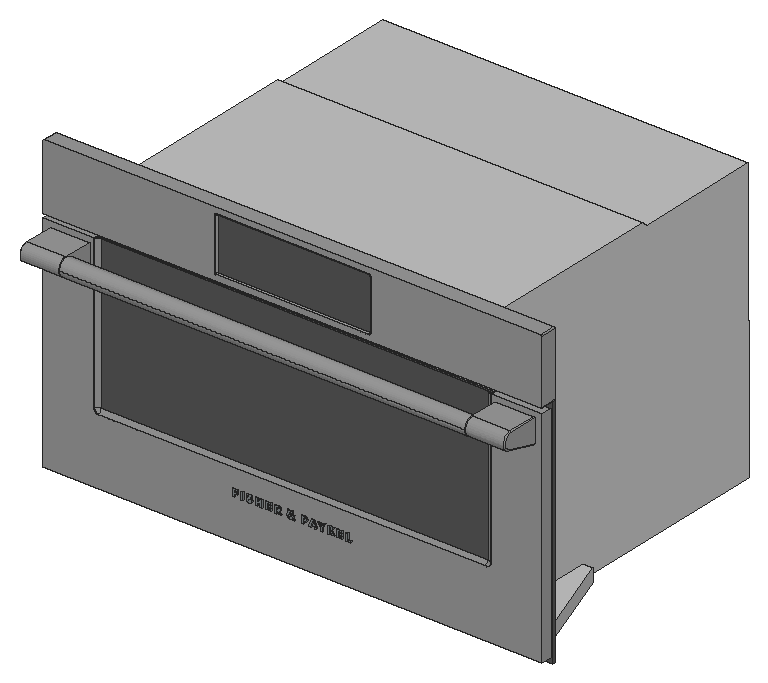
Revit family "FP-Revit20-en-OM30S_OS30S_CompactCombiSpeedOven-CompactCombiSteamOven-0-90005522A-US-CA", category Specialty Equipment, Revit 2020
Family settings
  Round Connector Dimension = Use Diameter
  Part Type = Normal
  OmniClass Number = 23.40.40.14.17.11
  OmniClass Title = Cookers, Ovens, Stoves
  Work Plane-Based = No
  Always vertical = Yes
  Cut with Voids When Loaded = Yes
  Shared = No
  Room Calculation Point = No
Parameters (values of type "OM30NPUX3")
  Visibility - Steam = no
  Visibility - Microwave = yes
  Visibility - Clearance Required [instance] = yes
  URL = "www.fisherpaykel.com"
  Type Comments = "Compact, Professional, Stainless"
  Style = 30in-76cm Fronts : 30in Front Professional
  Product - Width = 758 mm  # constant formula
  Product - Height = 458 mm  # constant formula
  Product - Depth = ([Chassis - Depth] + [Control Panel - Depth])  # 569 mm
  Power Supply - Offset = 498 mm
  Opening - Width = 762 mm  # constant formula
  Opening - Height = ([Product - Height] + 2 mm)  # 460 mm
  Opening - Depth = ([Control Panel - Depth])  # 24 mm
  Model = "OM30NPUX3"
  Material - Clearance Required = Fisher & Paykel - Clearance Required
  Material - Body = Fisher & Paykel - Grey
  Manufacturer = "Fisher & Paykel Appliances"
  Keynote = ""
  Display - Width = 154 mm
  Display - Height = 54 mm
  Display - Offset = 23 mm
  Description = "30\" Convection Speed Oven"
  Default Elevation = 0 mm
  Control Panel - Depth = 24 mm
  Connector Description - Electrical = "208 or 240 V, 60 Hz, 15 A circuit"  # constant formula
  Chassis - Width = 555 mm  # constant formula
  Chassis - Height = 435 mm  # constant formula
  Chassis - Depth = 545 mm  # constant formula
  Cavity - Width = 724 mm  # constant formula
  Cavity - Height = 440 mm  # constant formula
  Cavity - Depth = 550 mm  # constant formula
Reference planes
  plane 1 "Datum": y = 0
  plane 2: z = 0
  plane 3 "Center (Left/Right)": x = 0
  plane 4 "Product - LHS": x = -379
  plane 5 "Product - RHS": x = 379
  plane 6 "Product - Depth": y = 545
  plane 7 "Opening - LHS": x = -381
  plane 8 "Opening - RHS": x = 381
  plane 9 "Cavity - Depth": y = 550
  plane 10 "Chassis - LHS": x = -277.5
  plane 11 "Chassis - RHS": x = 277.5
  plane 12 "Product - Height": z = 458
  plane 13 "Front": y = -24
  plane 14 "Opening - Height": z = 460
  plane 15 "Cavity - LHS": x = -362
  plane 16 "Cavity - RHS": x = 362
  plane 17 "Bottom": z = 0
  plane 18 "Chassis - Height": z = 435
  plane 19 "Cavity - Height": z = 440
  plane 20 "Power Supply - Offset": x = -220.5
Forms (mm)
  Extrusion 1, solid, material "Fisher & Paykel - Grey" <- "Material - Body"
    sketch origin (0, 0, -15.866) x (0, 1, 0) y (0, 0, 1)
      loop
        line (0, 15.866) -> (526, 15.866) -> (526, 67.266) -> (545, 86.266) -> (545, 280.729) -> (495, 335.599) -> (495, 444.566) -> (301.302, 444.566) -> (295.002, 450.866) -> (0, 450.866) -> (0, 15.866)
    from -277.5 to 277.5
  Extrusion 2, solid, material "Fisher & Paykel - Grey" <- "Material - Body"
    sketch origin (0, 0, 0) x (1, 0, 0) y (0, 1, 0)
      loop
        line (-277.5, 178.557) -> (-293.636, 178.557) -> (-358.626, 0) -> (-277.5, 0) -> (-277.5, 178.557)
      loop
        line (277.5, 178.557) -> (277.5, 0) -> (358.626, 0) -> (293.636, 178.557) -> (277.5, 178.557)
    from 2 to 22
  Extrusion 3, solid, material "Fisher & Paykel - Clearance Required" <- "Material - Clearance Required", visible <- "Visibility - Clearance Required", detail levels coarse
    sketch origin (0, 0, -1.695) x (0, 1, 0) y (0, 0, 1)
      loop
        line (0, 441.695) -> (0, 1.695) -> (550, 1.695) -> (550, 441.695) -> (0, 441.695)
    from -362 to 362
  Extrusion 4, void
    sketch origin (0, 0, -1.695) x (0, 1, 0) y (0, 0, 1)
      loop
        line (0, 441.695) -> (0, 1.695) -> (550, 1.695) -> (550, 441.695) -> (0, 441.695)
    from -362 to 362
  Extrusion 5, solid, material "Fisher & Paykel - Clearance Required" <- "Material - Clearance Required", visible <- "Visibility - Clearance Required", detail levels coarse
    sketch origin (0, 0, 0) x (0, 1, 0) y (0, 0, 1)
      loop
        line (0, 0) -> (0, 460) -> (-24, 460) -> (-24, 357.879)
        arc (-24, 357.879) -> (-260.649, 254.464) -> (-352.26, 13) r 333.099
        line (-352.26, 13) -> (-316.068, 13) -> (-316.068, -26.986)
        arc (-316.068, -26.986) -> (-305.029, -39.584) -> (-291.09, -30.294) r 12.708
        line (-291.09, -30.294) -> (-277.088, 13) -> (-24, 13) -> (-24, 0) -> (0, 0)
    from -381 to 381
  Extrusion 6, void
    sketch origin (0, 0, 0) x (0, 1, 0) y (0, 0, 1)
      loop
        line (0, 0) -> (0, 460) -> (-24, 460) -> (-24, 0) -> (0, 0)
    from -381 to 381
  Extrusion 7, void
    sketch origin (0, 0, 0) x (1, 0, 0) y (0, 1, 0)
      loop
        line (-201.997, 545) -> (-277.5, 545) -> (-277.5, 495) -> (-230.865, 495) -> (-201.997, 545)
      loop
        line (277.5, 545) -> (81.318, 545) -> (92.288, 526) -> (214.055, 526) -> (231.953, 495) -> (277.5, 495) -> (277.5, 545)
    from 0 to 435
  Extrusion 8, solid, material "Fisher & Paykel - Grille Pattern", visible <- "Visibility - Microwave"
    sketch origin (0, 0, 0) x (1, 0, 0) y (0, 0, 1)
      loop
        line (-209.439, 414.243) -> (-268.439, 414.243) -> (-268.439, 318.243) -> (-216.439, 318.243) -> (-201.439, 327.243) -> (-133.439, 327.243) -> (-133.439, 382.743) -> (-209.439, 382.743) -> (-209.439, 414.243)
    from -496 to -495
  Extrusion 9, solid, material "Fisher & Paykel - Grey" <- "Material - Body"
    sketch origin (0, 0, 0) x (1, 0, 0) y (0, 0, 1)
      loop
        line (-127.5, 396) -> (-220.5, 396) -> (-220.5, 338) -> (-127.5, 338) -> (-127.5, 396)
    from -516 to -495
  Extrusion 10, solid, material "Fisher & Paykel - Grey" <- "Material - Body"
    sketch origin (0, 0, 0) x (0, 1, 0) y (0, 0, 1)
      loop
        circle (506, 367) r 6
    from -127.5 to -92.518
  Extrusion 11, solid, material "Fisher & Paykel - Grey" <- "Material - Body", visible <- "Visibility - Steam"
    sketch origin (0, 0, 0) x (0, 1, 0) y (0, 0, 1)
      loop
        line (0, 295.912) -> (0, 95.371) -> (211.9, 106.476) -> (211.9, 121.231) -> (285.518, 216.735) -> (211.7, 263.336) -> (211.7, 295.912) -> (0, 295.912)
    from 277.5 to 360
Cuts and joins
  Extrusion 7 cuts Extrusion 1
Text (mm)
  text "Due to ongoing product development, product details are subject to change without notice. \nPlease always refer to www.fisherpaykel.com for the most current product information. \n© Fisher & Paykel 2020" at (41.04, -459.323, 0), in view "Ref. Level (Plan)"
Dimensions and locks
  equal spacing: plane 4 "Product - LHS", plane 3 "Center (Left/Right)", plane 5 "Product - RHS"
  equal spacing: plane 7 "Opening - LHS", plane 3 "Center (Left/Right)", plane 8 "Opening - RHS"
  equal spacing: plane 10 "Chassis - LHS", plane 3 "Center (Left/Right)", plane 11 "Chassis - RHS"
  "Product - Width": plane 4 "Product - LHS" to plane 5 "Product - RHS"
  equal spacing: Extrusion 3, plane 3 "Center (Left/Right)", Extrusion 3
  "Cavity - Depth": plane 1 "Datum" to plane 9 "Cavity - Depth"
  "Opening - Width": plane 7 "Opening - LHS" to plane 8 "Opening - RHS"
  "Control Panel - Depth": plane 1 "Datum" to plane 13 "Front"
  equal spacing: plane 15 "Cavity - LHS", plane 3 "Center (Left/Right)", plane 16 "Cavity - RHS"
  "Cavity - Width": plane 15 "Cavity - LHS" to plane 16 "Cavity - RHS"
  level to plane 17 "Bottom" = 0 mm
  "Product - Height": plane 12 "Product - Height" to plane 17 "Bottom"
  "Chassis - Height": plane 18 "Chassis - Height" to plane 17 "Bottom"
  "Chassis - Width": plane 10 "Chassis - LHS" to plane 11 "Chassis - RHS"
  "Opening - Height": plane 14 "Opening - Height" to plane 17 "Bottom"
  "Cavity - Height": plane 19 "Cavity - Height" to plane 17 "Bottom"
  "Chassis - Depth": plane 1 "Datum" to plane 6 "Product - Depth"
  locked: plane 18 "Chassis - Height" to Extrusion 1 sketch curve at 6.3
  locked: plane 1 "Datum" to cut or joined group of Extrusion 1, Extrusion 7 at 495
  locked: plane 1 "Datum" to cut or joined group of Extrusion 1, Extrusion 7 at 526
  locked: Extrusion 2 sketch curve to plane 10 "Chassis - LHS" at 81.126
  locked: cut or joined group of Extrusion 1, Extrusion 7 to Extrusion 9 at 21
  locked: plane 20 "Power Supply - Offset" to Extrusion 9 at 93
  "Power Supply - Offset": plane 20 "Power Supply - Offset" to plane 11 "Chassis - RHS"
  locked: Extrusion 8 to cut or joined group of Extrusion 1, Extrusion 7 at 1
  locked: Extrusion 9 to Extrusion 10 at 34.982
  locked: Extrusion 7 sketch curve to plane 11 "Chassis - RHS" at 196.182
  locked: plane 10 "Chassis - LHS" to Extrusion 7 sketch curve at 75.503
  locked: Extrusion 7 sketch curve to plane 11 "Chassis - RHS" at 185.212
  locked: Extrusion 7 sketch curve to plane 11 "Chassis - RHS" at 63.445
  locked: plane 11 "Chassis - RHS" to Extrusion 2 sketch curve at 81.126
  aligned and locked: level to plane 2
  aligned and locked: plane 9 "Cavity - Depth" to Extrusion 3 sketch curve
  aligned and locked: plane 7 "Opening - LHS" to Extrusion 5
  aligned and locked: Extrusion 5 to plane 8 "Opening - RHS"
  aligned and locked: Extrusion 3 to Extrusion 4  (x2)
  aligned and locked: plane 14 "Opening - Height" to Extrusion 5
  aligned and locked: plane 14 "Opening - Height" to Extrusion 6
  aligned and locked: plane 7 "Opening - LHS" to Extrusion 6
  aligned and locked: plane 8 "Opening - RHS" to Extrusion 5
  aligned and locked: Extrusion 6 to plane 8 "Opening - RHS"
  aligned and locked: plane 17 "Bottom" to Extrusion 4
  aligned and locked: plane 17 "Bottom" to Extrusion 6
  aligned and locked: plane 17 "Bottom" to Extrusion 5
  aligned and locked: plane 16 "Cavity - RHS" to Extrusion 4
  aligned and locked: plane 15 "Cavity - LHS" to Extrusion 4
  aligned and locked: plane 19 "Cavity - Height" to Extrusion 3
  aligned and locked: plane 19 "Cavity - Height" to Extrusion 4
  aligned and locked: plane 6 "Product - Depth" to Extrusion 1 sketch curve
  aligned and locked: Extrusion 1 sketch curve to plane 18 "Chassis - Height"
  aligned and locked: plane 10 "Chassis - LHS" to Extrusion 1
  aligned and locked: plane 11 "Chassis - RHS" to Extrusion 1
  aligned and locked: Extrusion 7 to Extrusion 1
  aligned and locked: Extrusion 1 to Extrusion 7
  aligned and locked: Extrusion 9 to cut or joined group of Extrusion 1, Extrusion 7
  aligned and locked: Extrusion 9 to plane 20 "Power Supply - Offset"
  aligned and locked: Extrusion 8 to cut or joined group of Extrusion 1, Extrusion 7
  aligned and locked: Extrusion 10 to Extrusion 9
  aligned and locked: Extrusion 11 to plane 11 "Chassis - RHS"
  aligned and locked: plane 17 "Bottom" to Extrusion 3
  aligned and locked: Extrusion 1 sketch curve to plane 17 "Bottom"
  aligned and locked: plane 10 "Chassis - LHS" to Extrusion 2 sketch curve
  aligned and locked: Extrusion 2 sketch curve to plane 11 "Chassis - RHS"
  aligned and locked: plane 1 "Datum" to Extrusion 2 sketch curve
  aligned and locked: Extrusion 4 to Extrusion 6
  aligned and locked: Extrusion 4 to Extrusion 3
  aligned and locked: plane 3 "Center (Left/Right)" to nested 1
  aligned and locked: nested 1 to plane 1 "Datum"
Automatic sketch dimensions
  Extrusion 3 sketch curve to plane 1 "Datum" = 0 mm
  Extrusion 4 sketch curve to plane 1 "Datum" = 0 mm
  plane 9 "Cavity - Depth" to Extrusion 4 sketch curve = 0 mm
  Extrusion 6 sketch curve to plane 1 "Datum" = 0 mm
  plane 12 "Product - Height" to Extrusion 6 sketch curve = 2 mm
  Extrusion 6 sketch curve to plane 13 "Front" = 0 mm
  Extrusion 3 sketch curve to plane 12 "Product - Height" = 18 mm
  Extrusion 4 sketch curve to plane 12 "Product - Height" = 18 mm
  Extrusion 8 sketch curve to plane 10 "Chassis - LHS" = 9.061 mm
  Extrusion 8 sketch curve to Extrusion 8 sketch curve = 68 mm
  Extrusion 8 sketch curve to plane 18 "Chassis - Height" = 52.257 mm
  Extrusion 8 sketch curve to plane 18 "Chassis - Height" = 20.757 mm
  Extrusion 9 sketch curve to plane 18 "Chassis - Height" = 39 mm
  Extrusion 8 sketch curve to Extrusion 8 sketch curve = 52 mm
  Extrusion 8 sketch curve to Extrusion 8 sketch curve = 7 mm
  Extrusion 8 sketch curve to Extrusion 8 sketch curve = 15 mm
  Extrusion 9 sketch curve to plane 10 "Chassis - LHS" = 57 mm
  Extrusion 9 sketch curve to Extrusion 9 sketch curve = 93 mm
  Extrusion 10 sketch curve to plane 6 "Product - Depth" = 39 mm
  Extrusion 11 sketch curve to plane 1 "Datum" = 211.7 mm
  Extrusion 11 sketch curve to Extrusion 11 sketch curve = 0.2 mm
  Extrusion 11 sketch curve to Extrusion 11 sketch curve = 73.818 mm
  Extrusion 11 sketch curve to Extrusion 11 sketch curve = 14.755 mm
  Extrusion 11 sketch curve to Extrusion 11 sketch curve = 32.576 mm
  Extrusion 11 sketch curve to plane 1 "Datum" = 0 mm
  Extrusion 7 sketch curve to plane 6 "Product - Depth" = 0 mm  (x2)
  Extrusion 7 sketch curve to plane 10 "Chassis - LHS" = 0 mm
  Extrusion 7 sketch curve to plane 11 "Chassis - RHS" = 0 mm
  Extrusion 7 sketch curve to Extrusion 7 sketch curve = 28.868 mm
  Extrusion 7 sketch curve to plane 6 "Product - Depth" = 19 mm
  Extrusion 7 sketch curve to Extrusion 7 sketch curve = 17.898 mm
  Extrusion 7 sketch curve to Extrusion 7 sketch curve = 31 mm
  Extrusion 7 sketch curve to Extrusion 7 sketch curve = 50 mm
  plane 17 "Bottom" to Extrusion 3 sketch curve = 0 mm
  plane 17 "Bottom" to Extrusion 4 sketch curve = 0 mm
  plane 17 "Bottom" to Extrusion 6 sketch curve = 0 mm
  Extrusion 11 sketch curve to Extrusion 11 sketch curve = 95.504 mm
  Extrusion 11 sketch curve to plane 17 "Bottom" = 95.371 mm
  Extrusion 1 sketch curve to plane 1 "Datum" = 0 mm
  Extrusion 1 sketch curve to plane 6 "Product - Depth" = 249.998 mm
  Extrusion 1 sketch curve to Extrusion 1 sketch curve = 6.3 mm
  Extrusion 1 sketch curve to plane 6 "Product - Depth" = 50 mm
  Extrusion 1 sketch curve to plane 6 "Product - Depth" = 19 mm
  Extrusion 1 sketch curve to Extrusion 1 sketch curve = 51.4 mm
  Extrusion 1 sketch curve to Extrusion 1 sketch curve = 19 mm
  plane 1 "Datum" to Extrusion 2 sketch curve = 0 mm
  Extrusion 2 sketch curve to Extrusion 2 sketch curve = 16.136 mm
  plane 11 "Chassis - RHS" to Extrusion 2 sketch curve = 16.136 mm
  Extrusion 2 sketch curve to plane 1 "Datum" = 178.557 mm  (x2)
  Extrusion 5 sketch curve to plane 13 "Front" = 0 mm  (x2)
  Extrusion 5 sketch curve to plane 1 "Datum" = 0 mm
  plane 17 "Bottom" to Extrusion 5 sketch curve = 0 mm
  Extrusion 5 sketch curve to plane 14 "Opening - Height" = 0 mm
  Extrusion 5 sketch curve to Extrusion 5 sketch curve = 253.088 mm
  plane 17 "Bottom" to Extrusion 5 sketch curve = 30.294 mm
  Extrusion 5 sketch curve to Extrusion 5 sketch curve = 14.002 mm
  Extrusion 5 sketch curve to Extrusion 5 sketch curve = 12.27 mm
  Extrusion 5 sketch curve to plane 17 "Bottom" = 13 mm
  Extrusion 5 sketch curve to Extrusion 5 sketch curve = 38.98 mm
  Extrusion 5 sketch curve to Extrusion 5 sketch curve = 36.192 mm
  plane 13 "Front" to Extrusion 5 sketch curve = 4.629 mm
  Extrusion 5 sketch curve to Extrusion 5 sketch curve = 11.813 mm
  Extrusion 1 sketch curve to plane 18 "Chassis - Height" = 170.137 mm
  Extrusion 1 sketch curve to Extrusion 1 sketch curve = 54.87 mm
  Extrusion 8 sketch curve to Extrusion 8 sketch curve = 55.5 mm
  Extrusion 8 sketch curve to Extrusion 8 sketch curve = 9 mm
  Extrusion 9 sketch curve to Extrusion 9 sketch curve = 58 mm
  Extrusion 10 sketch curve to plane 18 "Chassis - Height" = 68 mm
  Extrusion 11 sketch curve to plane 17 "Bottom" = 106.476 mm
  Extrusion 11 sketch curve to Extrusion 11 sketch curve = 46.6 mm
  level to Extrusion 5 sketch curve = 13 mm
  radius of Extrusion 10 sketch curve = 6 mm
Nested families
  nested 1: "30in-76cm Fronts" at (0, 0, 0), type <- "Style", type "30in Front Professional"
Connectors
  electrical at (-92.518, 506, 367), driven by "Connector Description - Electrical"
    settings: on Extrusion 10, index 1, voltage 240 V, apparent load 0 VA, apparent load phase1 0 VA, apparent load phase2 0 VA, apparent load phase3 0 VA, power factor 1, load classification "Other", number of poles 1, system type 30, power factor state 1, is connector primary yes, connector utility no, sub classification motor no, connector description "208 or 240 V, 60 Hz, 15 A circuit"
Definition of nested family "30in-76cm Fronts"
  Parameters (values of type "30in Front Contemporary w Dial (Black)")
    Visibility - Professional = no
    Visibility - Minimal Handle = no
    Visibility - Dial = yes
    Visibility - Contemporary and Minimal = yes
    Visibility - Contemporary Handle = yes
    URL = "www.fisherpaykel.com"
    Steam Tank Cut - Depth = 10 mm
    Product - Width = 758 mm  # constant formula
    Product - Height = 458 mm
    Model = ""
    Material - Window = none
    Material - Structure = none
    Material - Logo = none
    Material - Handle = none
    Material - Front = none
    Material - Display Panel = none
    Material - Buttons and Dials = none
    Material - Body = none
    Manufacturer = "Fisher & Paykel Appliances"
    Keynote = ""
    Handle - Length = 737 mm  # constant formula
    Handle - Height = ([Product - Height] - 130 mm)  # 328 mm
    Gap Upper - Height = 7 mm  # constant formula
    Gap Lower - Height = 12 mm  # constant formula
    Door - Height = ([Product - Height] - [Control Panel - Height] - [Gap Upper - Height] - [Gap Lower - Height])  # 339 mm
    Display - Width = 154 mm
    Display - Offset = 23 mm
    Display - Height = 54 mm
    Description = ""
    Default Elevation = 0 mm
    Control Panel - Height = 100 mm  # constant formula
    Control Panel - Depth = 20 mm
  Types (8, lengths in mm): name | Visibility - Professional | Visibility - Minimal Handle | Visibility - Dial | Visibility - Contemporary and Minimal | Visibility - Contemporary Handle | Control Panel - Depth
    30in Front Professional | yes | no | no | no | no | 24
    30in Front Contemporary (Stainless) | no | no | no | yes | yes | 20
    30in Front Minimal (Black) | no | yes | no | yes | no | 20
    30in Front Minimal (Grey) | no | yes | no | yes | no | 20
    30in Front Minimal (Black) No Handle | no | no | no | yes | no | 20
    30in Front Minimal (Grey) No Handle | no | no | no | yes | no | 20
    30in Front Contemporary w Dial (Stainless) | no | no | yes | yes | yes | 20
    30in Front Contemporary w Dial (Black) | no | no | yes | yes | yes | 20
  Reference planes
    plane 1 "Datum": y = 0
    plane 2: z = 0
    plane 3 "Center (Left/Right)": x = 0
    plane 4 "Product - Height": z = 458
    plane 5 "Front": y = -20
    plane 6 "Door - Bottom": z = 12
    plane 7 "Control Panel - Bottom": z = 358
    plane 8 "Door - Top": z = 351
    plane 9 "Handle - Height": z = 328
    plane 10 "Width - RHS": x = 379
    plane 11 "Width - LHS": x = -379
  Forms (mm)
    Extrusion 1, solid, material <- "Material - Structure"
      sketch origin (0, 0, 0) x (0, 1, 0) y (0, 0, 1)
        loop
          line (0, 358) -> (-2.9, 358) -> (-2.9, 1.6) -> (0, 1.6) -> (0, 358)
      from -379 to 379
    Extrusion 2, solid, material <- "Material - Front", visible <- "Visibility - Professional"
      sketch origin (0, 0, 0) x (1, 0, 0) y (0, 0, 1)
        loop
          line (-379, 351) -> (-379, 12) -> (379, 12) -> (379, 351) -> (301.709, 351) -> (301.709, 121.495)
          arc (301.709, 121.495) -> (299.366, 115.838) -> (293.709, 113.495) r 8
          line (293.709, 113.495) -> (-293.709, 113.495)
          arc (-293.709, 113.495) -> (-299.366, 115.838) -> (-301.709, 121.495) r 8
          line (-301.709, 121.495) -> (-301.709, 351) -> (-379, 351)
      from 12.5 to 20
    Extrusion 3, solid, material <- "Material - Display Panel", visible <- "Visibility - Professional"
      sketch origin (0, 0, 0) x (1, 0, 0) y (0, 0, 1)
        loop
          line (-118.481, 449.583) -> (-118.481, 366.397) -> (118.481, 366.397) -> (118.481, 449.583) -> (-118.481, 449.583)
      from 12.5 to 17.505
    Sweep 4, solid, material <- "Material - Front", visible <- "Visibility - Professional", detail levels fine
      path in 3D
        loop
          line (301.709, -20, 351) -> (301.709, -20, 121.495)
          arc (301.709, -20, 121.495) -> (299.366, -20, 115.838) -> (293.709, -20, 113.495) r 8
          line (293.709, -20, 113.495) -> (-293.709, -20, 113.495)
          arc (-293.709, -20, 113.495) -> (-299.366, -20, 115.838) -> (-301.709, -20, 121.495) r 8
          line (-301.709, -20, 121.495) -> (-301.709, -20, 351)
      profile origin (0, -20, 113.495) x (0, -1, 0) y (0, 0, 1)
        loop
          line (0, 0) -> (-3.5, 8) -> (-3.5, 0) -> (0, 0)
    Extrusion 5, solid, material <- "Material - Window", visible <- "Visibility - Professional"
      sketch origin (0, 0, 0) x (1, 0, 0) y (0, 0, 1)
        loop
          line (-301.709, 351) -> (-301.709, 113.495) -> (301.709, 113.495) -> (301.709, 351) -> (-301.709, 351)
      from 12.5 to 16.5
    Sweep 6, solid, material <- "Material - Front", visible <- "Visibility - Professional", detail levels fine
      path in 3D
        loop
          arc (-115.481, -20, 366.397) -> (-117.603, -20, 367.276) -> (-118.481, -20, 369.397) r 3
          line (-118.481, -20, 369.397) -> (-118.481, -20, 446.583)
          arc (-118.481, -20, 446.583) -> (-117.603, -20, 448.705) -> (-115.481, -20, 449.583) r 3
          line (-115.481, -20, 449.583) -> (115.481, -20, 449.583)
          arc (115.481, -20, 449.583) -> (117.603, -20, 448.705) -> (118.481, -20, 446.583) r 3
          line (118.481, -20, 446.583) -> (118.481, -20, 369.397)
          arc (118.481, -20, 369.397) -> (117.603, -20, 367.276) -> (115.481, -20, 366.397) r 3
          line (115.481, -20, 366.397) -> (-115.481, -20, 366.397)
      profile origin (0, -20, 366.397) x (0, -1, 0) y (0, 0, 1)
        loop
          line (0, 0) -> (-2.495, 2.495) -> (-2.495, 0) -> (0, 0)
    Extrusion 7, solid, material <- "Material - Front", visible <- "Visibility - Professional"
      sketch origin (0, 0, 0) x (1, 0, 0) y (0, 0, 1)
        loop
          arc (-376.8, 458) -> (-378.356, 457.356) -> (-379, 455.8) r 2.2
          line (-379, 455.8) -> (-379, 359.7)
          arc (-379, 359.7) -> (-378.502, 358.498) -> (-377.3, 358) r 1.7
          line (-377.3, 358) -> (377.3, 358)
          arc (377.3, 358) -> (378.502, 358.498) -> (379, 359.7) r 1.7
          line (379, 359.7) -> (379, 456.3)
          arc (379, 456.3) -> (378.502, 457.502) -> (377.3, 458) r 1.7
          line (377.3, 458) -> (-376.8, 458)
        loop
          arc (-115.481, 449.583) -> (-117.603, 448.705) -> (-118.481, 446.583) r 3
          line (-118.481, 446.583) -> (-118.481, 369.397)
          arc (-118.481, 369.397) -> (-117.603, 367.276) -> (-115.481, 366.397) r 3
          line (-115.481, 366.397) -> (115.481, 366.397)
          arc (115.481, 366.397) -> (117.603, 367.276) -> (118.481, 369.397) r 3
          line (118.481, 369.397) -> (118.481, 446.583)
          arc (118.481, 446.583) -> (117.603, 448.705) -> (115.481, 449.583) r 3
          line (115.481, 449.583) -> (-115.481, 449.583)
      from 0 to 20
    Extrusion 8, solid, material <- "Material - Logo", visible <- "Visibility - Professional", detail levels fine
      sketch origin (0, 6.274, 938.614) x (1, 0, 0) y (0, 0, 1)
        loop
          line (-89.993, -864) -> (-87.16, -864) -> (-87.16, -860.152) -> (-82.733, -860.152) -> (-82.733, -857.75) -> (-87.16, -857.75) -> (-87.16, -855.519) -> (-82.344, -855.519) -> (-82.344, -853.128) -> (-89.993, -853.128) -> (-89.993, -864)
        loop
          line (-76.961, -853.128) -> (-76.961, -864) -> (-74.128, -864) -> (-74.128, -853.128) -> (-76.961, -853.128)
        loop
          line (-55.218, -853.128) -> (-55.218, -864) -> (-52.385, -864) -> (-52.385, -859.644) -> (-48.224, -859.644) -> (-48.224, -864) -> (-45.391, -864) -> (-45.391, -853.128) -> (-48.224, -853.128) -> (-48.224, -857.254) -> (-52.385, -857.254) -> (-52.385, -853.128) -> (-55.218, -853.128)
        loop
          line (-39.345, -853.128) -> (-39.345, -864) -> (-31.598, -864) -> (-31.598, -861.609) -> (-36.538, -861.609) -> (-36.538, -859.644) -> (-32.023, -859.644) -> (-32.023, -857.254) -> (-36.538, -857.254) -> (-36.538, -855.36) -> (-31.598, -855.36) -> (-31.598, -853.128) -> (-39.345, -853.128)
        loop
          line (82.287, -853.128) -> (82.287, -864) -> (90.007, -864) -> (90.007, -861.609) -> (85.12, -861.609) -> (85.12, -853.128) -> (82.287, -853.128)
        loop
          line (76.463, -853.128) -> (68.689, -853.128) -> (68.689, -864) -> (76.463, -864) -> (76.463, -861.609) -> (71.522, -861.609) -> (71.522, -859.644) -> (76.037, -859.644) -> (76.037, -857.254) -> (71.522, -857.254) -> (71.522, -855.519) -> (76.463, -855.519) -> (76.463, -853.128)
        loop
          line (60.297, -858.334) -> (64.316, -853.128) -> (61.005, -853.128) -> (57.534, -857.625) -> (57.534, -853.128) -> (54.701, -853.128) -> (54.701, -864) -> (57.534, -864) -> (57.534, -859.13) -> (61.111, -864) -> (64.459, -864) -> (60.297, -858.334)
        loop
          line (39.651, -853.128) -> (43.759, -859.644) -> (43.759, -864) -> (46.592, -864) -> (46.592, -859.786) -> (50.7, -853.128) -> (47.69, -853.128) -> (45.265, -857.327) -> (42.841, -853.128) -> (39.651, -853.128)
        loop
          line (33.348, -853.128) -> (30.656, -853.128) -> (26.229, -864) -> (29.01, -864) -> (29.789, -861.999) -> (34.145, -861.999) -> (34.923, -864) -> (37.775, -864) -> (33.348, -853.128)
        loop
          line (33.206, -859.609) -> (31.934, -856.486) -> (30.719, -859.609) -> (33.206, -859.609)
        loop
          line (14.543, -853.128) -> (14.543, -864) -> (17.376, -864) -> (17.376, -860.512) -> (19.166, -860.512)
          arc (19.166, -860.512) -> (22.857, -856.82) -> (19.166, -853.128) r 3.692
          line (19.166, -853.128) -> (14.543, -853.128)
        loop
          line (17.376, -855.519) -> (17.376, -858.245) -> (18.989, -858.245)
          arc (18.989, -858.245) -> (20.352, -856.882) -> (18.989, -855.519) r 1.363
          line (18.989, -855.519) -> (17.376, -855.519)
        loop
          line (-21.123, -853.128) -> (-25.773, -853.128) -> (-25.773, -864) -> (-22.94, -864) -> (-22.94, -860.973) -> (-21.974, -860.973) -> (-19.664, -864) -> (-16.388, -864) -> (-19.163, -860.449)
          arc (-19.163, -860.449) -> (-17.333, -856.036) -> (-21.123, -853.128) r 3.923
        loop
          line (-21.328, -855.519) -> (-22.94, -855.519) -> (-22.94, -858.505) -> (-21.328, -858.505)
          arc (-21.328, -858.505) -> (-19.835, -857.012) -> (-21.328, -855.519) r 1.493
        loop
          line (0.946, -855.519) -> (0.946, -852.925) -> (-6.349, -852.925) -> (-6.349, -855.268) -> (-5.266, -856.599)
          arc (-5.266, -856.599) -> (-6.232, -862.77) -> (0.006, -863.079) r 4.2
          line (0.006, -863.079) -> (0.756, -864) -> (3.97, -864) -> (1.635, -861.13) -> (3.745, -858.091) -> (0.833, -858.091) -> (0.063, -859.2) -> (-2.932, -855.519) -> (0.946, -855.519)
        loop
          arc (-3.739, -858.477) -> (-3.998, -860.998) -> (-1.476, -861.257) r 1.792
          line (-1.476, -861.257) -> (-3.739, -858.477)
        loop
          line (-63.238, -857.459) -> (-65.642, -856.961)
          arc (-65.642, -856.961) -> (-66.601, -856.002) -> (-65.642, -855.043) r 0.959
          arc (-65.642, -855.043) -> (-63.335, -855.377) -> (-61.22, -856.354) r 8.108
          line (-61.22, -856.354) -> (-61.22, -853.662)
          arc (-61.22, -853.662) -> (-63.902, -852.877) -> (-66.694, -853.004) r 8.507
          arc (-66.694, -853.004) -> (-69.278, -856.197) -> (-66.694, -859.391) r 3.266
          line (-66.694, -859.391) -> (-64.27, -859.893)
          arc (-64.27, -859.893) -> (-63.312, -860.852) -> (-64.271, -861.811) r 0.959
          arc (-64.271, -861.811) -> (-66.577, -861.476) -> (-68.692, -860.499) r 8.108
          line (-68.692, -860.499) -> (-68.692, -863.191)
          arc (-68.692, -863.191) -> (-66.01, -863.977) -> (-63.218, -863.85) r 8.507
          arc (-63.218, -863.85) -> (-60.634, -860.646) -> (-63.238, -857.459) r 3.266
      from 26.274 to 27.274
    Extrusion 9, solid, material <- "Material - Front", visible <- "Visibility - Professional"
      sketch origin (0, 0, 0) x (0, 1, 0) y (0, 0, 1)
        loop
          line (-12.5, 12) -> (-7, 12) -> (-7, 351) -> (-12.5, 351) -> (-12.5, 12)
      from -379 to 379
    Extrusion 10, solid, material <- "Material - Front", visible <- "Visibility - Contemporary and Minimal", detail levels medium+fine
      sketch origin (0, 0, 0) x (1, 0, 0) y (0, 0, 1)
        loop
          line (-379, 458) -> (-379, 358) -> (379, 358) -> (379, 458) -> (-379, 458)
        loop
          line (379, 351) -> (-379, 351) -> (-379, 12) -> (379, 12) -> (379, 351)
        loop
          line (-77, 435) -> (-77, 381) -> (77, 381) -> (77, 435) -> (-77, 435)
        loop
          line (-242.2, 295) -> (-242.2, 96.6) -> (242.2, 96.6) -> (242.2, 295) -> (-242.2, 295)
      from 16 to 20
    Extrusion 11, solid, material <- "Material - Structure", visible <- "Visibility - Contemporary and Minimal"
      sketch origin (0, 0, 0) x (0, 1, 0) y (0, 0, 1)
        loop
          line (0, 458) -> (-16, 458) -> (-16, 358) -> (0, 358) -> (0, 458)
      from -379 to 379
    Extrusion 12, solid, material <- "Material - Structure"
      sketch origin (0, 0, 0) x (0, 1, 0) y (0, 0, 1)
        loop
          line (-2.9, 344.483) -> (-16, 344.483) -> (-16, 12) -> (-2.9, 12) -> (-2.9, 344.483)
        loop
          circle (-9.53, 17.1) r 2
      from -270 to 270
    Extrusion 13, solid, material <- "Material - Logo", visible <- "Visibility - Contemporary and Minimal", detail levels fine
      sketch origin (0.043, 1.992, 58.199) x (1, 0, 0) y (0, 0, 1)
        loop
          line (-50.044, 0) -> (-48.47, 0) -> (-48.47, 2.138) -> (-46.011, 2.138) -> (-46.011, 3.472) -> (-48.47, 3.472) -> (-48.47, 4.712) -> (-45.795, 4.712) -> (-45.795, 6.04) -> (-50.044, 6.04) -> (-50.044, 0)
        loop
          line (-42.804, 6.04) -> (-42.804, 0) -> (-41.23, 0) -> (-41.23, 6.04) -> (-42.804, 6.04)
        loop
          line (-30.724, 6.04) -> (-30.724, 0) -> (-29.151, 0) -> (-29.151, 2.42) -> (-26.839, 2.42) -> (-26.839, 0) -> (-25.265, 0) -> (-25.265, 6.04) -> (-26.839, 6.04) -> (-26.839, 3.748) -> (-29.151, 3.748) -> (-29.151, 6.04) -> (-30.724, 6.04)
        loop
          line (-21.906, 6.04) -> (-21.906, 0) -> (-17.602, 0) -> (-17.602, 1.328) -> (-20.347, 1.328) -> (-20.347, 2.42) -> (-17.838, 2.42) -> (-17.838, 3.748) -> (-20.347, 3.748) -> (-20.347, 4.712) -> (-17.602, 4.712) -> (-17.602, 6.04) -> (-21.906, 6.04)
        loop
          line (45.667, 6.04) -> (45.667, 0) -> (49.956, 0) -> (49.956, 1.328) -> (47.241, 1.328) -> (47.241, 6.04) -> (45.667, 6.04)
        loop
          line (42.431, 6.04) -> (38.112, 6.04) -> (38.112, 0) -> (42.431, 0) -> (42.431, 1.328) -> (39.687, 1.328) -> (39.687, 2.42) -> (42.195, 2.42) -> (42.195, 3.748) -> (39.687, 3.748) -> (39.687, 4.712) -> (42.431, 4.712) -> (42.431, 6.04)
        loop
          line (33.451, 3.148) -> (35.683, 6.04) -> (33.844, 6.04) -> (31.915, 3.542) -> (31.915, 6.04) -> (30.342, 6.04) -> (30.342, 0) -> (31.915, 0) -> (31.915, 2.705) -> (33.903, 0) -> (35.763, 0) -> (33.451, 3.148)
        loop
          line (21.98, 6.04) -> (24.262, 2.42) -> (24.262, 0) -> (25.837, 0) -> (25.837, 2.341) -> (28.119, 6.04) -> (26.446, 6.04) -> (25.099, 3.707) -> (23.753, 6.04) -> (21.98, 6.04)
        loop
          line (18.479, 6.04) -> (16.983, 6.04) -> (14.524, 0) -> (16.069, 0) -> (16.501, 1.112) -> (18.921, 1.112) -> (19.354, 0) -> (20.938, 0) -> (18.479, 6.04)
        loop
          line (18.4, 2.439) -> (17.693, 4.174) -> (17.018, 2.439) -> (18.4, 2.439)
        loop
          line (8.031, 6.04) -> (8.031, 0) -> (9.605, 0) -> (9.605, 1.938) -> (10.599, 1.938)
          arc (10.599, 1.938) -> (12.65, 3.989) -> (10.599, 6.04) r 2.051
          line (10.599, 6.04) -> (8.031, 6.04)
        loop
          line (9.605, 4.712) -> (9.605, 3.197) -> (10.501, 3.197)
          arc (10.501, 3.197) -> (11.259, 3.954) -> (10.501, 4.712) r 0.757
          line (10.501, 4.712) -> (9.605, 4.712)
        loop
          line (-11.783, 6.04) -> (-14.366, 6.04) -> (-14.366, 0) -> (-12.792, 0) -> (-12.792, 1.336) -> (-11.992, 1.336) -> (-10.972, 0) -> (-9.153, 0) -> (-10.694, 1.973)
          arc (-10.694, 1.973) -> (-9.678, 4.424) -> (-11.783, 6.04) r 2.179
        loop
          line (-11.897, 4.712) -> (-12.792, 4.712) -> (-12.792, 3.053) -> (-11.897, 3.053)
          arc (-11.897, 3.053) -> (-11.068, 3.882) -> (-11.897, 4.712) r 0.83
        loop
          line (0.477, 4.712) -> (0.477, 6.153) -> (-3.575, 6.153) -> (-3.575, 4.851) -> (-2.974, 4.112)
          arc (-2.974, 4.112) -> (-3.51, 0.684) -> (-0.045, 0.512) r 2.334
          line (-0.045, 0.512) -> (0.46, -0.109) -> (2.246, -0.109) -> (0.86, 1.594) -> (2.061, 3.324) -> (0.443, 3.324) -> (-0.013, 2.667) -> (-1.677, 4.712) -> (0.477, 4.712)
        loop
          arc (-2.125, 3.068) -> (-2.269, 1.668) -> (-0.868, 1.524) r 0.996
          line (-0.868, 1.524) -> (-2.125, 3.068)
        loop
          line (-35.18, 3.634) -> (-36.516, 3.91)
          arc (-36.516, 3.91) -> (-37.049, 4.443) -> (-36.516, 4.976) r 0.533
          arc (-36.516, 4.976) -> (-35.235, 4.79) -> (-34.059, 4.248) r 4.505
          line (-34.059, 4.248) -> (-34.059, 5.743)
          arc (-34.059, 5.743) -> (-35.549, 6.179) -> (-37.1, 6.109) r 4.726
          arc (-37.1, 6.109) -> (-38.536, 4.335) -> (-37.1, 2.561) r 1.814
          line (-37.1, 2.561) -> (-35.754, 2.282)
          arc (-35.754, 2.282) -> (-35.221, 1.749) -> (-35.754, 1.216) r 0.533
          arc (-35.754, 1.216) -> (-37.035, 1.402) -> (-38.211, 1.945) r 4.505
          line (-38.211, 1.945) -> (-38.211, 0.449)
          arc (-38.211, 0.449) -> (-36.72, 0.013) -> (-35.169, 0.083) r 4.726
          arc (-35.169, 0.083) -> (-33.734, 1.863) -> (-35.18, 3.634) r 1.814
      from 21.992 to 22.211
    Extrusion 14, solid, material <- "Material - Front", visible <- "Visibility - Contemporary and Minimal", detail levels coarse
      sketch origin (-2, -2.9, 0) x (1, 0, 0) y (0, 0, 1)
        loop
          line (-377, 458) -> (-377, 358) -> (381, 358) -> (381, 458) -> (-377, 458)
        loop
          line (381, 351) -> (-377, 351) -> (-377, 12) -> (381, 12) -> (381, 351)
      from 13.1 to 17.1
    Extrusion 15, solid, material <- "Material - Display Panel", visible <- "Visibility - Contemporary and Minimal", detail levels medium+fine
      sketch origin (0, -20, 0) x (0, 0, 1) y (1, 0, 0)
        loop
          line (435, -77) -> (435, 77) -> (381, 77) -> (381, -77) -> (435, -77)
      from 0 to 4
    Extrusion 16, solid, material <- "Material - Window", visible <- "Visibility - Contemporary and Minimal", detail levels medium+fine
      sketch origin (0, -20, 0) x (0, 0, 1) y (1, 0, 0)
        loop
          line (295, -242.2) -> (295, 242.2) -> (96.6, 242.2) -> (96.6, -242.2) -> (295, -242.2)
      from 0 to 4
    Extrusion 17, void
      sketch origin (0, -20, 0) x (0, 0, 1) y (1, 0, 0)
        loop
          line (438.1, -342.019) -> (438.1, -234.374)
          arc (438.1, -234.374) -> (437.375, -232.625) -> (435.626, -231.9) r 2.474
          line (435.626, -231.9) -> (380.402, -231.9)
          arc (380.402, -231.9) -> (378.633, -232.633) -> (377.9, -234.402) r 2.502
          line (377.9, -234.402) -> (377.9, -341.974)
          arc (377.9, -341.974) -> (378.64, -343.76) -> (380.426, -344.5) r 2.526
          line (380.426, -344.5) -> (435.619, -344.5)
          arc (435.619, -344.5) -> (437.373, -343.773) -> (438.1, -342.019) r 2.481
        loop
          line (378.7, -234.4) -> (378.7, -342.029)
          arc (378.7, -342.029) -> (379.189, -343.211) -> (380.371, -343.7) r 1.671
          line (380.371, -343.7) -> (435.621, -343.7)
          arc (435.621, -343.7) -> (436.808, -343.208) -> (437.3, -342.021) r 1.679
          line (437.3, -342.021) -> (437.3, -234.361)
          arc (437.3, -234.361) -> (436.813, -233.187) -> (435.639, -232.7) r 1.661
          line (435.639, -232.7) -> (380.4, -232.7)
          arc (380.4, -232.7) -> (379.198, -233.198) -> (378.7, -234.4) r 1.7
      from 7.1 to 17.1
  Cuts and joins
    joined: Extrusion 2, Extrusion 9
    Extrusion 17 cuts Extrusion 7
    Extrusion 17 cuts Extrusion 10
    Extrusion 17 cuts Extrusion 14
  Lines and regions (mm)
    sketch lines
      curve 1: line (293.709, -20, 113.495) -> (-293.709, -20, 113.495)
      curve 2: arc (293.709, -20, 113.495) -> (299.366, -20, 115.838) -> (301.709, -20, 121.495) r 8
      curve 3: line (301.709, -20, 351) -> (301.709, -20, 121.495)
      curve 4: arc (-301.709, -20, 121.495) -> (-299.366, -20, 115.838) -> (-293.709, -20, 113.495) r 8
      curve 5: line (-301.709, -20, 121.495) -> (-301.709, -20, 351)
      curve 6: line (115.481, -20, 366.397) -> (-115.481, -20, 366.397)
      curve 7: arc (-118.481, -20, 369.397) -> (-117.603, -20, 367.276) -> (-115.481, -20, 366.397) r 3
      curve 8: line (-118.481, -20, 369.397) -> (-118.481, -20, 446.583)
      curve 9: arc (-115.481, -20, 449.583) -> (-117.603, -20, 448.705) -> (-118.481, -20, 446.583) r 3
      curve 10: line (-115.481, -20, 449.583) -> (115.481, -20, 449.583)
      curve 11: arc (118.481, -20, 446.583) -> (117.603, -20, 448.705) -> (115.481, -20, 449.583) r 3
      curve 12: line (118.481, -20, 446.583) -> (118.481, -20, 369.397)
      curve 13: arc (115.481, -20, 366.397) -> (117.603, -20, 367.276) -> (118.481, -20, 369.397) r 3
  Dimensions and locks
    "Control Panel - Depth": plane 1 "Datum" to plane 5 "Front"
    "Control Panel - Height": plane 4 "Product - Height" to plane 7 "Control Panel - Bottom"
    "Door - Height": plane 8 "Door - Top" to plane 6 "Door - Bottom"
    "Product - Height": plane 4 "Product - Height" to level
    "Handle - Height": plane 9 "Handle - Height" to level
    "Gap Lower - Height": plane 6 "Door - Bottom" to level
    equal spacing: plane 11 "Width - LHS", plane 3 "Center (Left/Right)", plane 10 "Width - RHS"
    "Product - Width": plane 11 "Width - LHS" to plane 10 "Width - RHS"
    Sweep 4 sketch curve to profile plane = 8 mm
    plane 5 "Front" to Extrusion 2 = 7.5 mm
    locked: plane 5 "Front" to Extrusion 5 at 3.5  (x2)
    locked: plane 5 "Front" to Extrusion 3 at 7.5
    locked: plane 5 "Front" to Sweep 6 at 2.495
    locked: cut or joined group of Extrusion 2, Extrusion 9 to plane 1 "Datum" at 7
    Extrusion 11 sketch curve to plane 7 "Control Panel - Bottom" = 100 mm
    locked: plane 4 "Product - Height" to nested 2 at 50.3
    locked: plane 8 "Door - Top" to Extrusion 12 at 6.517
    locked: Extrusion 12 sketch curve to plane 1 "Datum" at 9.53
    locked: Extrusion 12 sketch curve to level at 17.1
    locked: plane 4 "Product - Height" to Extrusion 16 at 163
    locked: Extrusion 16 to level at 96.6
    "Steam Tank Cut - Depth": cut or joined group of Extrusion 7, Extrusion 17 to cut or joined group of Extrusion 7, Extrusion 17
    locked: cut or joined group of Extrusion 7, Extrusion 17 to plane 1 "Datum" at 2.9
    locked: Extrusion 13 to plane 5 "Front" at 0.219
    locked: Extrusion 8 to cut or joined group of Extrusion 2, Extrusion 9 at 1
    equal spacing: Extrusion 15, plane 3 "Center (Left/Right)", Extrusion 15
    Extrusion 15 to Extrusion 15 = 54 mm
    "Display - Height": Extrusion 15 to Extrusion 15
    "Display - Width": Extrusion 15 to Extrusion 15
    plane 4 "Product - Height" to cut or joined group of Extrusion 10, Extrusion 17 = 23 mm
    plane 4 "Product - Height" to plane 9 "Handle - Height" = 130 mm
    aligned and locked: level to plane 2
    aligned and locked: profile plane to Sweep 6 sketch curve
    aligned and locked: plane 4 "Product - Height" to Extrusion 7 sketch curve
    aligned and locked: nested 1 to plane 5 "Front"
    aligned and locked: Extrusion 7 sketch curve to plane 10 "Width - RHS"
    aligned and locked: plane 11 "Width - LHS" to Extrusion 7 sketch curve
    aligned and locked: Extrusion 5 to Extrusion 2
    aligned and locked: Extrusion 5 to Sweep 4  (x2)
    aligned and locked: Extrusion 3 sketch curve to Sweep 6  (x4)
    aligned and locked: Extrusion 7 to plane 1 "Datum"
    aligned and locked: Extrusion 1 to plane 1 "Datum"
    aligned and locked: plane 8 "Door - Top" to Extrusion 2  (x2)
    aligned and locked: plane 8 "Door - Top" to Extrusion 5
    aligned and locked: Extrusion 9 to plane 11 "Width - LHS"
    aligned and locked: plane 10 "Width - RHS" to Extrusion 9
    aligned and locked: cut or joined group of Extrusion 2, Extrusion 9 to Extrusion 3
    aligned and locked: Extrusion 1 to plane 11 "Width - LHS"
    aligned and locked: plane 10 "Width - RHS" to Extrusion 1
    aligned and locked: cut or joined group of Extrusion 2, Extrusion 9 to plane 5 "Front"
    aligned and locked: Extrusion 7 to plane 5 "Front"
    aligned and locked: Extrusion 3 to Sweep 6
    aligned and locked: Extrusion 5 to cut or joined group of Extrusion 2, Extrusion 9
    aligned and locked: Extrusion 2 to Extrusion 5
    aligned and locked: plane 5 "Front" to Extrusion 8
    aligned and locked: plane 7 "Control Panel - Bottom" to Extrusion 10 sketch curve
    aligned and locked: Extrusion 10 sketch curve to plane 4 "Product - Height"
    aligned and locked: Extrusion 10 sketch curve to plane 10 "Width - RHS"
    aligned and locked: plane 11 "Width - LHS" to Extrusion 10 sketch curve
    aligned and locked: Extrusion 10 to plane 5 "Front"
    aligned and locked: Extrusion 10 sketch curve to plane 11 "Width - LHS"
    aligned and locked: Extrusion 10 sketch curve to plane 6 "Door - Bottom"
    aligned and locked: plane 10 "Width - RHS" to Extrusion 10 sketch curve
    aligned and locked: plane 8 "Door - Top" to Extrusion 10 sketch curve
    aligned and locked: Extrusion 11 sketch curve to Extrusion 10
    aligned and locked: Extrusion 11 sketch curve to plane 1 "Datum"
    aligned and locked: Extrusion 12 sketch curve to plane 6 "Door - Bottom"
    aligned and locked: Extrusion 12 sketch curve to Extrusion 10
    aligned and locked: plane 4 "Product - Height" to Extrusion 11
    aligned and locked: nested 2 to plane 5 "Front"
    aligned and locked: plane 3 "Center (Left/Right)" to nested 3
    aligned and locked: nested 3 to plane 5 "Front"
    aligned and locked: plane 9 "Handle - Height" to nested 3
    aligned and locked: plane 5 "Front" to Extrusion 13
    aligned and locked: Extrusion 12 to plane 6 "Door - Bottom"
    aligned and locked: Extrusion 14 to plane 5 "Front"
    aligned and locked: Extrusion 14 to Extrusion 11
    aligned and locked: Extrusion 10 to Extrusion 16
    aligned and locked: Extrusion 16 to plane 5 "Front"
    aligned and locked: Extrusion 1 to Extrusion 17
    aligned and locked: Extrusion 10 to Extrusion 15  (x4)
    aligned and locked: nested 4 to plane 5 "Front"
    aligned and locked: plane 3 "Center (Left/Right)" to nested 4
    aligned and locked: plane 9 "Handle - Height" to nested 4
    aligned and locked: Extrusion 14 sketch curve to plane 10 "Width - RHS"
    aligned and locked: plane 10 "Width - RHS" to Extrusion 14 sketch curve
    aligned and locked: plane 11 "Width - LHS" to Extrusion 14 sketch curve
    aligned and locked: Extrusion 14 sketch curve to plane 11 "Width - LHS"
    aligned and locked: nested 1 to plane 9 "Handle - Height"
  Automatic sketch dimensions
    Extrusion 1 sketch curve to plane 1 "Datum" = 0 mm
    plane 7 "Control Panel - Bottom" to Extrusion 1 sketch curve = 0 mm
    plane 1 "Datum" to Extrusion 1 sketch curve = 2.9 mm
    level to Extrusion 1 sketch curve = 1.6 mm
    Extrusion 2 sketch curve to plane 8 "Door - Top" = 0 mm  (x2)
    Extrusion 2 sketch curve to plane 11 "Width - LHS" = 0 mm
    Extrusion 2 sketch curve to plane 10 "Width - RHS" = 0 mm
    Extrusion 2 sketch curve to plane 6 "Door - Bottom" = 0 mm
    Extrusion 2 sketch curve to Extrusion 2 sketch curve = 77.291 mm
    Extrusion 2 sketch curve to Extrusion 2 sketch curve = 8 mm
    Extrusion 2 sketch curve to plane 10 "Width - RHS" = 85.291 mm
    Extrusion 2 sketch curve to plane 10 "Width - RHS" = 77.291 mm
    plane 6 "Door - Bottom" to Extrusion 2 sketch curve = 101.495 mm
    Sweep 4 sketch curve to profile plane = 0 mm  (x2)
    profile plane to Sweep 4 sketch curve = 3.5 mm
    Extrusion 5 sketch curve to plane 8 "Door - Top" = 0 mm
    plane 11 "Width - LHS" to Extrusion 5 sketch curve = 77.291 mm
    Extrusion 5 sketch curve to plane 10 "Width - RHS" = 77.291 mm
    plane 6 "Door - Bottom" to Extrusion 5 sketch curve = 101.495 mm
    Sweep 6 sketch curve to profile plane = 0 mm
    profile plane to Sweep 6 sketch curve = 2.495 mm  (x2)
    plane 7 "Control Panel - Bottom" to Extrusion 7 sketch curve = 0 mm
    plane 11 "Width - LHS" to Extrusion 7 sketch curve = 1.7 mm
    Extrusion 7 sketch curve to plane 4 "Product - Height" = 2.2 mm
    Extrusion 7 sketch curve to plane 4 "Product - Height" = 11.417 mm
    Extrusion 7 sketch curve to plane 3 "Center (Left/Right)" = 118.481 mm
    Extrusion 7 sketch curve to Extrusion 7 sketch curve = 3 mm  (x3)
    plane 3 "Center (Left/Right)" to Extrusion 7 sketch curve = 115.481 mm
    plane 7 "Control Panel - Bottom" to Extrusion 7 sketch curve = 8.397 mm
    Extrusion 7 sketch curve to Extrusion 7 sketch curve = 0 mm
    Extrusion 7 sketch curve to plane 4 "Product - Height" = 1.7 mm
    Extrusion 7 sketch curve to plane 10 "Width - RHS" = 1.7 mm
    Extrusion 8 sketch curve to plane 3 "Center (Left/Right)" = 89.993 mm
    Extrusion 8 sketch curve to Extrusion 8 sketch curve = 2.833 mm  (x13)
    Extrusion 8 sketch curve to Extrusion 8 sketch curve = 4.427 mm
    Extrusion 8 sketch curve to Extrusion 8 sketch curve = 0.389 mm
    Extrusion 8 sketch curve to Extrusion 8 sketch curve = 5.383 mm
    Extrusion 8 sketch curve to Extrusion 8 sketch curve = 5.436 mm
    Extrusion 8 sketch curve to Extrusion 8 sketch curve = 1.998 mm
    Extrusion 8 sketch curve to Extrusion 8 sketch curve = 0.682 mm
    Extrusion 8 sketch curve to Extrusion 8 sketch curve = 0.371 mm  (x2)
    Extrusion 8 sketch curve to Extrusion 8 sketch curve = 0.648 mm
    Extrusion 8 sketch curve to Extrusion 8 sketch curve = 0.723 mm
    Extrusion 8 sketch curve to Extrusion 8 sketch curve = 1.371 mm
    Extrusion 8 sketch curve to Extrusion 8 sketch curve = 0 mm  (x21)
    Extrusion 8 sketch curve to Extrusion 8 sketch curve = 2.404 mm
    Extrusion 8 sketch curve to Extrusion 8 sketch curve = 3.051 mm
    Extrusion 8 sketch curve to Extrusion 8 sketch curve = 8.682 mm
    Extrusion 8 sketch curve to Extrusion 8 sketch curve = 4.161 mm  (x2)
    Extrusion 8 sketch curve to Extrusion 8 sketch curve = 6.046 mm
    Extrusion 8 sketch curve to Extrusion 8 sketch curve = 2.807 mm  (x2)
    Extrusion 8 sketch curve to Extrusion 8 sketch curve = 4.515 mm  (x2)
    Extrusion 8 sketch curve to Extrusion 8 sketch curve = 0.425 mm  (x4)
    Extrusion 8 sketch curve to Extrusion 8 sketch curve = 5.825 mm
    Extrusion 8 sketch curve to Extrusion 8 sketch curve = 0.966 mm
    Extrusion 8 sketch curve to Extrusion 8 sketch curve = 1.611 mm
    Extrusion 8 sketch curve to Extrusion 8 sketch curve = 0.206 mm
    Extrusion 8 sketch curve to Extrusion 8 sketch curve = 3.276 mm  (x2)
    Extrusion 8 sketch curve to Extrusion 8 sketch curve = 2.811 mm
    Extrusion 8 sketch curve to plane 3 "Center (Left/Right)" = 6.349 mm
    Extrusion 8 sketch curve to Extrusion 8 sketch curve = 1.083 mm
    Extrusion 8 sketch curve to Extrusion 8 sketch curve = 1.528 mm
    Extrusion 8 sketch curve to Extrusion 8 sketch curve = 0.765 mm
    Extrusion 8 sketch curve to Extrusion 8 sketch curve = 2.335 mm
    Extrusion 8 sketch curve to Extrusion 8 sketch curve = 0.366 mm
    Extrusion 8 sketch curve to plane 3 "Center (Left/Right)" = 1.476 mm
    plane 3 "Center (Left/Right)" to Extrusion 8 sketch curve = 0.006 mm
    plane 3 "Center (Left/Right)" to Extrusion 8 sketch curve = 0.063 mm
    plane 3 "Center (Left/Right)" to Extrusion 8 sketch curve = 0.756 mm
    plane 3 "Center (Left/Right)" to Extrusion 8 sketch curve = 0.833 mm
    plane 3 "Center (Left/Right)" to Extrusion 8 sketch curve = 0.946 mm
    plane 3 "Center (Left/Right)" to Extrusion 8 sketch curve = 1.635 mm
    Extrusion 8 sketch curve to Extrusion 8 sketch curve = 2.912 mm
    Extrusion 8 sketch curve to Extrusion 8 sketch curve = 3.214 mm
    Extrusion 8 sketch curve to Extrusion 8 sketch curve = 10.799 mm
    Extrusion 8 sketch curve to Extrusion 8 sketch curve = 1.612 mm
    Extrusion 8 sketch curve to Extrusion 8 sketch curve = 0.177 mm
    Extrusion 8 sketch curve to Extrusion 8 sketch curve = 7.064 mm
    Extrusion 8 sketch curve to Extrusion 8 sketch curve = 2.781 mm
    Extrusion 8 sketch curve to Extrusion 8 sketch curve = 0.779 mm  (x2)
    Extrusion 8 sketch curve to Extrusion 8 sketch curve = 0.868 mm
    Extrusion 8 sketch curve to Extrusion 8 sketch curve = 0.93 mm
    Extrusion 8 sketch curve to Extrusion 8 sketch curve = 1.215 mm
    Extrusion 8 sketch curve to Extrusion 8 sketch curve = 2.487 mm
    Extrusion 8 sketch curve to Extrusion 8 sketch curve = 2.692 mm  (x3)
    Extrusion 8 sketch curve to Extrusion 8 sketch curve = 0.939 mm
    Extrusion 8 sketch curve to Extrusion 8 sketch curve = 2.851 mm
    Extrusion 8 sketch curve to Extrusion 8 sketch curve = 6.303 mm
    Extrusion 8 sketch curve to Extrusion 8 sketch curve = 3.19 mm
    Extrusion 8 sketch curve to Extrusion 8 sketch curve = 0.918 mm
    Extrusion 8 sketch curve to Extrusion 8 sketch curve = 1.507 mm
    Extrusion 8 sketch curve to Extrusion 8 sketch curve = 4.849 mm
    Extrusion 8 sketch curve to Extrusion 8 sketch curve = 3.011 mm
    Extrusion 8 sketch curve to Extrusion 8 sketch curve = 4.001 mm
    Extrusion 8 sketch curve to Extrusion 8 sketch curve = 2.763 mm
    Extrusion 8 sketch curve to Extrusion 8 sketch curve = 3.471 mm
    Extrusion 8 sketch curve to Extrusion 8 sketch curve = 3.577 mm
    Extrusion 8 sketch curve to Extrusion 8 sketch curve = 3.311 mm
    Extrusion 8 sketch curve to Extrusion 8 sketch curve = 3.348 mm
    Extrusion 8 sketch curve to Extrusion 8 sketch curve = 4.373 mm
    Extrusion 8 sketch curve to Extrusion 8 sketch curve = 5.824 mm
    Extrusion 8 sketch curve to Extrusion 8 sketch curve = 4.887 mm
    plane 6 "Door - Bottom" to Extrusion 8 sketch curve = 62.614 mm  (x2)
    Extrusion 8 sketch curve to Extrusion 8 sketch curve = 0.809 mm
    Extrusion 8 sketch curve to Extrusion 8 sketch curve = 0.041 mm
    Extrusion 8 sketch curve to Extrusion 8 sketch curve = 0.921 mm
    Extrusion 8 sketch curve to Extrusion 8 sketch curve = 2.001 mm
    Extrusion 8 sketch curve to Extrusion 8 sketch curve = 2.391 mm  (x8)
    Extrusion 8 sketch curve to Extrusion 8 sketch curve = 1.827 mm
    Extrusion 8 sketch curve to Extrusion 8 sketch curve = 1.822 mm
    Extrusion 8 sketch curve to Extrusion 8 sketch curve = 1.948 mm
    Extrusion 8 sketch curve to Extrusion 8 sketch curve = 3.027 mm
    Extrusion 8 sketch curve to Extrusion 8 sketch curve = 0.472 mm  (x2)
    Extrusion 8 sketch curve to Extrusion 8 sketch curve = 0.195 mm  (x2)
    Extrusion 8 sketch curve to Extrusion 8 sketch curve = 3.488 mm
    Extrusion 8 sketch curve to Extrusion 8 sketch curve = 0.525 mm
    Extrusion 8 sketch curve to Extrusion 8 sketch curve = 3.848 mm
    Extrusion 8 sketch curve to Extrusion 8 sketch curve = 1.138 mm
    Extrusion 8 sketch curve to Extrusion 8 sketch curve = 0.764 mm  (x2)
    Extrusion 8 sketch curve to Extrusion 8 sketch curve = 0.252 mm
    Extrusion 8 sketch curve to Extrusion 8 sketch curve = 4.214 mm
    Extrusion 8 sketch curve to Extrusion 8 sketch curve = 4.356 mm
    Extrusion 8 sketch curve to Extrusion 8 sketch curve = 1.965 mm  (x2)
    Extrusion 8 sketch curve to Extrusion 8 sketch curve = 0.142 mm
    Extrusion 8 sketch curve to Extrusion 8 sketch curve = 2.39 mm
    Extrusion 8 sketch curve to Extrusion 8 sketch curve = 1.109 mm  (x2)
    Extrusion 8 sketch curve to Extrusion 8 sketch curve = 1.931 mm
    Extrusion 8 sketch curve to Extrusion 8 sketch curve = 4.87 mm
    Extrusion 8 sketch curve to Extrusion 8 sketch curve = 2.468 mm
    Extrusion 8 sketch curve to Extrusion 8 sketch curve = 0.796 mm
    Extrusion 8 sketch curve to Extrusion 8 sketch curve = 2.267 mm
    Extrusion 8 sketch curve to Extrusion 8 sketch curve = 2.402 mm
    Extrusion 8 sketch curve to Extrusion 8 sketch curve = 1.506 mm
    Extrusion 8 sketch curve to Extrusion 8 sketch curve = 2.434 mm
    Extrusion 8 sketch curve to Extrusion 8 sketch curve = 2.317 mm
    Extrusion 8 sketch curve to Extrusion 8 sketch curve = 1.454 mm
    Extrusion 8 sketch curve to Extrusion 8 sketch curve = 0.039 mm
    Extrusion 8 sketch curve to Extrusion 8 sketch curve = 0.498 mm
    Extrusion 8 sketch curve to Extrusion 8 sketch curve = 1.363 mm
    Extrusion 8 sketch curve to Extrusion 8 sketch curve = 0.062 mm
    Extrusion 8 sketch curve to Extrusion 8 sketch curve = 3.122 mm
    Extrusion 8 sketch curve to Extrusion 8 sketch curve = 1.104 mm
    Extrusion 8 sketch curve to Extrusion 8 sketch curve = 1.735 mm
    Extrusion 8 sketch curve to Extrusion 8 sketch curve = 2.231 mm  (x2)
    Extrusion 8 sketch curve to Extrusion 8 sketch curve = 1.08 mm
    Extrusion 8 sketch curve to Extrusion 8 sketch curve = 1.894 mm
    Extrusion 8 sketch curve to Extrusion 8 sketch curve = 1.331 mm
    Extrusion 8 sketch curve to Extrusion 8 sketch curve = 1.34 mm
    Extrusion 8 sketch curve to Extrusion 8 sketch curve = 4.126 mm  (x2)
    Extrusion 8 sketch curve to Extrusion 8 sketch curve = 4.199 mm
    Extrusion 8 sketch curve to Extrusion 8 sketch curve = 3.358 mm
    Extrusion 8 sketch curve to Extrusion 8 sketch curve = 0.125 mm
    Extrusion 8 sketch curve to Extrusion 8 sketch curve = 5.206 mm
    Extrusion 8 sketch curve to Extrusion 8 sketch curve = 2.343 mm
    Extrusion 9 sketch curve to plane 8 "Door - Top" = 0 mm
    Extrusion 9 sketch curve to plane 6 "Door - Bottom" = 0 mm
    Extrusion 9 sketch curve to Extrusion 9 sketch curve = 5.5 mm
    Extrusion 11 sketch curve to plane 7 "Control Panel - Bottom" = 0 mm
    Extrusion 12 sketch curve to plane 8 "Door - Top" = 6.517 mm
    Extrusion 13 sketch curve to plane 3 "Center (Left/Right)" = 50.001 mm
    Extrusion 13 sketch curve to Extrusion 13 sketch curve = 1.574 mm  (x12)
    Extrusion 13 sketch curve to Extrusion 13 sketch curve = 2.459 mm
    Extrusion 13 sketch curve to Extrusion 13 sketch curve = 0.216 mm
    Extrusion 13 sketch curve to Extrusion 13 sketch curve = 3.207 mm
    Extrusion 13 sketch curve to Extrusion 13 sketch curve = 3.02 mm
    Extrusion 13 sketch curve to Extrusion 13 sketch curve = 1.11 mm
    Extrusion 13 sketch curve to Extrusion 13 sketch curve = 0.379 mm
    Extrusion 13 sketch curve to Extrusion 13 sketch curve = 0.206 mm  (x2)
    Extrusion 13 sketch curve to Extrusion 13 sketch curve = 0.36 mm  (x2)
    Extrusion 13 sketch curve to Extrusion 13 sketch curve = 0.402 mm
    Extrusion 13 sketch curve to Extrusion 13 sketch curve = 0 mm  (x21)
    Extrusion 13 sketch curve to Extrusion 13 sketch curve = 1.335 mm  (x2)
    Extrusion 13 sketch curve to Extrusion 13 sketch curve = 1.121 mm
    Extrusion 13 sketch curve to Extrusion 13 sketch curve = 3.335 mm
    Extrusion 13 sketch curve to Extrusion 13 sketch curve = 2.312 mm  (x2)
    Extrusion 13 sketch curve to Extrusion 13 sketch curve = 3.359 mm
    Extrusion 13 sketch curve to Extrusion 13 sketch curve = 1.559 mm
    Extrusion 13 sketch curve to Extrusion 13 sketch curve = 2.508 mm  (x2)
    Extrusion 13 sketch curve to Extrusion 13 sketch curve = 0.236 mm  (x4)
    Extrusion 13 sketch curve to Extrusion 13 sketch curve = 3.236 mm  (x2)
    Extrusion 13 sketch curve to Extrusion 13 sketch curve = 0.8 mm
    Extrusion 13 sketch curve to Extrusion 13 sketch curve = 0.895 mm
    Extrusion 13 sketch curve to Extrusion 13 sketch curve = 0.114 mm
    Extrusion 13 sketch curve to Extrusion 13 sketch curve = 1.02 mm
    Extrusion 13 sketch curve to Extrusion 13 sketch curve = 1.298 mm
    Extrusion 13 sketch curve to Extrusion 13 sketch curve = 1.82 mm
    Extrusion 13 sketch curve to plane 3 "Center (Left/Right)" = 3.532 mm
    Extrusion 13 sketch curve to Extrusion 13 sketch curve = 0.602 mm
    Extrusion 13 sketch curve to Extrusion 13 sketch curve = 0.849 mm
    Extrusion 13 sketch curve to Extrusion 13 sketch curve = 0.425 mm
    Extrusion 13 sketch curve to Extrusion 13 sketch curve = 1.297 mm
    Extrusion 13 sketch curve to Extrusion 13 sketch curve = 0.203 mm
    Extrusion 13 sketch curve to plane 3 "Center (Left/Right)" = 0.825 mm
    Extrusion 13 sketch curve to plane 3 "Center (Left/Right)" = 0.002 mm
    plane 3 "Center (Left/Right)" to Extrusion 13 sketch curve = 0.03 mm
    plane 3 "Center (Left/Right)" to Extrusion 13 sketch curve = 0.486 mm
    plane 3 "Center (Left/Right)" to Extrusion 13 sketch curve = 0.503 mm
    plane 3 "Center (Left/Right)" to Extrusion 13 sketch curve = 0.521 mm
    plane 3 "Center (Left/Right)" to Extrusion 13 sketch curve = 0.903 mm
    Extrusion 13 sketch curve to Extrusion 13 sketch curve = 1.618 mm
    Extrusion 13 sketch curve to Extrusion 13 sketch curve = 1.785 mm
    Extrusion 13 sketch curve to Extrusion 13 sketch curve = 5.971 mm
    Extrusion 13 sketch curve to Extrusion 13 sketch curve = 0.896 mm
    Extrusion 13 sketch curve to Extrusion 13 sketch curve = 0.994 mm
    Extrusion 13 sketch curve to Extrusion 13 sketch curve = 3.925 mm
    Extrusion 13 sketch curve to Extrusion 13 sketch curve = 1.545 mm
    Extrusion 13 sketch curve to Extrusion 13 sketch curve = 0.433 mm  (x2)
    Extrusion 13 sketch curve to Extrusion 13 sketch curve = 0.482 mm
    Extrusion 13 sketch curve to Extrusion 13 sketch curve = 0.517 mm
    Extrusion 13 sketch curve to Extrusion 13 sketch curve = 0.675 mm
    Extrusion 13 sketch curve to Extrusion 13 sketch curve = 1.381 mm
    Extrusion 13 sketch curve to Extrusion 13 sketch curve = 1.495 mm
